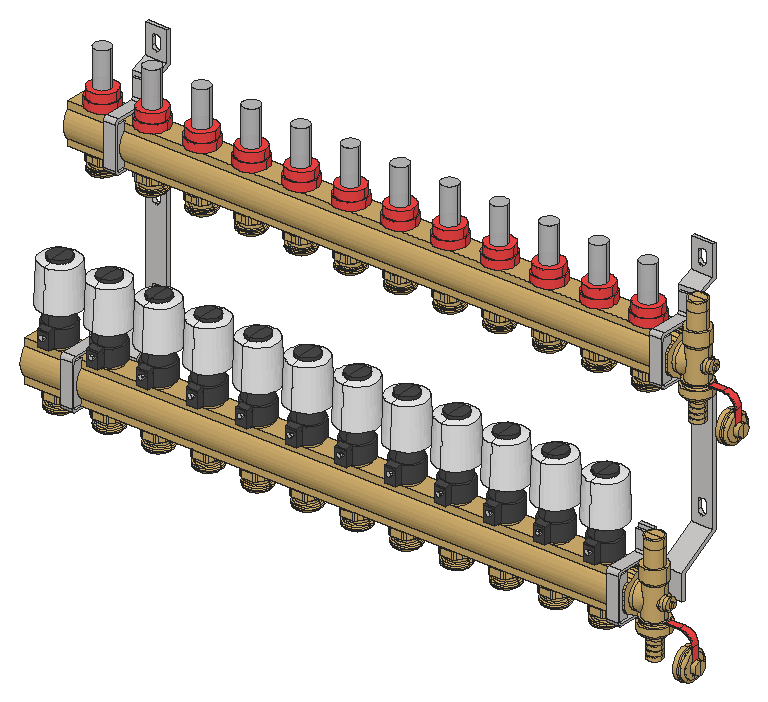
Revit family "1Manifold FHF-F_2-12_TWA-A_RFA", category Pipe Accessories, Revit 2019
Family settings
  Round Connector Dimension = Use Diameter
  Part Type = Normal
  OmniClass Number = 23.65.55.14.17
  OmniClass Title = Adjusting/Controlling Valves for Liquid Services
  Work Plane-Based = No
  Always vertical = Yes
  Cut with Voids When Loaded = No
  Shared = No
Parameters (values of type "Manifold FHF-F_12+12_088U0532")
  z [instance] = Offset Z + 1000 mm  # 1213 mm
  y [instance] = Offset Y + 500 mm  # 523 mm
  x [instance] = Offset X + 1000 mm  # 1025 mm
  Voltage = if(or(Actuator Type = [088H3106], Actuator Type = [088H3112], Actuator Type = [088H3113], Actuator Type = [088H3118], Actuator Type = [088H3119]), 230 V, 24 V)  # 230 V
  Power = 2 VA * Number of Circuits  # 24 VA
  Offset Y [instance] = 23 mm
  W [instance] = 36 mm  # constant formula
  Valve Body Material = Danfoss Brass
  URL = "https://store.danfoss.com/en/Climate-Solutions-for-heating/Hydronic-floor-heating/Manifolds/c/4213?q=%3Arelevance%3Adanfoss_producttypehierarchydesc%3Acba38471099edfc44d464a9e35ed050af25c8245&text="
  Pressure Drop [instance] = 0.0 Pa
  Number of Circuits = 12
  Model Type = "Manifold FHF-F_12+12"
  Model = "088U0532"
  Max Working Temperature = "90 °C"  # constant formula
  Max Operating Pressure = "6 bar"  # constant formula
  Max Differential Pressure = "0.6 bar"  # constant formula
  Manufacturer = "Danfoss"  # constant formula
  Offset X [instance] = 25 mm
  Manual airvent [instance] = not(Automatic airvent)  # yes
  Length = L1 - 11 mm  # 600 mm
  LOD 350 = not(LOD 200)  # yes
  LOD 200 = no
  L1 = 611 mm
  L bracket = Number of Circuits * 50 mm - 50 mm  # 550 mm
  L = Length + 70 mm  # 670 mm
  IfcExportType = "FHF-F"  # constant formula
  IfcExportAs = "IfcValveType"  # constant formula
  Offset Z [instance] = 213 mm
  H2 = 38 mm  # constant formula
  H1 = 73.2 mm  # constant formula
  H [instance] = z - 1000 mm + H2 + H1  # 324.2 mm
  Flow 9 [instance] = 0.0 m³/h
  Flow 8 [instance] = 0.0 m³/h
  Flow 7 [instance] = 0.0 m³/h
  Flow 6 [instance] = 0.0 m³/h
  Flow 5 [instance] = 0.0 m³/h
  Flow 4 [instance] = 0.0 m³/h
  Flow 3 [instance] = 0.0 m³/h
  Flow 2 [instance] = 0.0 m³/h
  Flow 12 [instance] = 0.0 m³/h
  Flow 11 [instance] = 0.0 m³/h
  Flow 10 [instance] = 0.0 m³/h
  Flow 1 [instance] = 0.0 m³/h
  Flow [instance] = Flow 1 + Flow 2 + Flow 3 + Flow 4 + Flow 5 + Flow 6 + Flow 7 + Flow 8 + Flow 9 + Flow 10 + Flow 11 + Flow 12  # 0.0 m³/h
  End piece [instance] = if(Automatic airvent, [088U0785], [088U0786])  # _FHF-EA_EM : FHF-EM_088U0786
  Description = "Brass Manifold"  # constant formula
  D = 25 mm  # constant formula
  Automatic airvent [instance] = no
  Add bracket [instance] = yes
  Actuator Type = TWA-A_RFA : TWA-A_230V_NC_0.95m_088H3112
  088U0786 = _FHF-EA_EM : FHF-EM_088U0786
  088U0785 = _FHF-EA_EM : FHF-EA_088U0785
  088H3119 = TWA-A_RFA : TWA-A_230V_NC_10m_088H3119
  088H3118 = TWA-A_RFA : TWA-A_230V_NC_5m_088H3118
  088H3113 = TWA-A_RFA : TWA-A_230V_NO_0.95m_088H3113
  088H3112 = TWA-A_RFA : TWA-A_230V_NC_0.95m_088H3112
  088H3106 = TWA-A_RFA : TWA-A_230V_NC/S_0.95m_088H3106
Reference planes
  plane 1 "Center (Front/Back)": y = 0
  plane 2: z = 0
  plane 3 "Center (Left/Right)": x = 0
  plane 4 "tube2": through (-27.999, -48.497, 1200) normal (0.9272, -0.3746, 0)
  plane 5: x = 600
  plane 6: z = -213
  plane 7: x = -25
  plane 8: x = 611
  plane 9: x = 25
  plane 10 "bottom manifold": y = -23
  plane 11: x = 575
  plane 12: x = 586
  plane 13: x = 0
  plane 14: x = 670.5
  plane 15 "H1": z = 73.2
  plane 16: z = -251
  plane 17: x = 670
  plane 18: z = -251
  plane 19: y = -18
  plane 20: y = 18
  plane 21: z = -251
  plane 22: x = 1000
  plane 23: z = 1000
  plane 24: y = 500
  plane 25: x = 280.5
  plane 26: z = -171.8
  plane 27: x = 50
Forms (mm)
  Sweep 1, solid, material "Danfoss Brass" <- "Valve Body Material", visible <- "LOD 350", detail levels fine
    path origin (0, 0, 0) x (1, 0, 0) y (0, 0, 1)
      loop
        line (0, 0) -> (600, 0)
    profile origin (300, 0, 0) x (0, 0, 1) y (0, -1, 0)
      loop
        arc (-13.388, -12.476) -> (0, -18.3) -> (13.388, -12.476) r 18.3
        line (13.388, -12.476) -> (20.5, -12.476) -> (20.5, 12.476) -> (13.388, 12.476)
        arc (13.388, 12.476) -> (0, 18.3) -> (-13.388, 12.476) r 18.3
        line (-13.388, 12.476) -> (-20.5, 12.476) -> (-20.5, -12.476) -> (-13.388, -12.476)
  Sweep 2, solid, material "Danfoss Brass" <- "Valve Body Material", visible <- "LOD 350", detail levels fine
    path origin (-50, -23, 0) x (0, 0, 1) y (-1, 0, 0)
      loop
        line (-213, -25) -> (-213, -625)
    profile origin (275, -23, -213) x (0, 0, 1) y (0, -1, 0)
      loop
        arc (-13.388, -12.476) -> (0, -18.3) -> (13.388, -12.476) r 18.3
        line (13.388, -12.476) -> (20.5, -12.476) -> (20.5, 12.476) -> (13.388, 12.476)
        arc (13.388, 12.476) -> (0, 18.3) -> (-13.388, 12.476) r 18.3
        line (-13.388, 12.476) -> (-20.5, 12.476) -> (-20.5, -12.476) -> (-13.388, -12.476)
  Sweep 3, solid, material "Danfoss Brass" <- "Valve Body Material", visible <- "LOD 200", detail levels fine
    path origin (0, 0, 0) x (1, 0, 0) y (0, 0, 1)
      loop
        line (0, 0) -> (600, 0)
    profile origin (300, 0, 0) x (0, 0, 1) y (0, -1, 0)
      loop
        line (-20.5, -18.3) -> (20.5, -18.3) -> (20.5, 18.3) -> (-20.5, 18.3) -> (-20.5, -18.3)
  Sweep 4, solid, material "Danfoss Brass" <- "Valve Body Material", visible <- "LOD 200", detail levels fine
    path origin (-50, -23, 0) x (0, 0, 1) y (-1, 0, 0)
      loop
        line (-213, -25) -> (-213, -625)
    profile origin (275, -23, -213) x (0, 0, 1) y (0, -1, 0)
      loop
        line (-20.5, -18.3) -> (20.5, -18.3) -> (20.5, 18.3) -> (-20.5, 18.3) -> (-20.5, -18.3)
  Extrusion 5, solid, not visible
    sketch origin (0, 0, 0) x (0, 0, 1) y (-1, 0, 0)
      loop
        line (-202.647, -295.5) -> (-202.647, -265.5) -> (-222.647, -265.5) -> (-222.647, -295.5) -> (-202.647, -295.5)
    from 13 to 33
Dimensions and locks
  "L1": plane 8 to plane 3 "Center (Left/Right)"
  locked: plane 8 to plane 5 at 11
  locked: plane 9 to plane 3 "Center (Left/Right)" at 25
  equal spacing: group 1, group 2, group 5, group 7, group 8, group 11, group 12, group 13, group 14, group 15, group 16, group 17  (x3)
  locked: plane 12 to plane 11 at 11
  "L1": plane 12 to plane 7
  locked: plane 13 to plane 7 at 25
  plane 14 to plane 5 = 70.5 mm
  "H1": plane 15 "H1" to level
  "H2": plane 6 to plane 16
  "L": plane 17 to plane 3 "Center (Left/Right)"
  equal spacing: plane 19, plane 1 "Center (Front/Back)", plane 20
  "W": plane 19 to plane 20
  equal spacing: group 3, group 4, group 6, group 9, group 10, group 18, group 19, group 20, group 21, group 22, group 23, group 24  (x3)
  locked: nested 7 to nested 3 at 50
  locked: plane 5 to nested 6 at 10
  locked: plane 11 to nested 5 at 10
  "x": plane 22 to plane 7
  "y": plane 10 "bottom manifold" to plane 24
  "z": plane 23 to plane 6
  Extrusion 5 sketch curve to plane 25 to Extrusion 5 sketch curve = 15 mm locked, 15 mm locked
  Extrusion 5 sketch curve to plane 6 to Extrusion 5 sketch curve = 10.353 mm locked, 9.647 mm locked
  equal spacing: plane 12, plane 25, plane 7
  locked: Extrusion 5 to plane 10 "bottom manifold" at 10
  locked: plane 10 "bottom manifold" to Extrusion 5 at 10
  locked: plane 26 to plane 6 at 41.2
  locked: plane 27 to plane 13 at 50
  equal spacing: group 25, group 26, group 27, group 28, group 29, group 30, group 31, group 32, group 33, group 34, group 35, group 36
  equal spacing: group 36, group 35, group 34, group 33, group 32, group 31, group 30, group 29, group 28, group 27, group 26, group 25  (x2)
  aligned and locked: level to plane 2
  aligned and locked: plane 9 to nested 1
  aligned and locked: level to nested 1
  aligned and locked: plane 5 to Sweep 1 sketch curve
  aligned and locked: Sweep 1 sketch curve to level
  aligned and locked: plane 3 "Center (Left/Right)" to Sweep 1 sketch curve
  aligned and locked: level to nested 2
  aligned and locked: plane 10 "bottom manifold" to nested 3
  aligned and locked: plane 10 "bottom manifold" to nested 5
  aligned and locked: plane 1 "Center (Front/Back)" to nested 6
  aligned and locked: plane 6 to nested 5
  aligned and locked: level to nested 6
  aligned and locked: plane 6 to nested 3
  aligned and locked: plane 13 to nested 3
  aligned and locked: plane 6 to nested 7
  aligned and locked: plane 10 "bottom manifold" to nested 7
  aligned and locked: plane 26 to nested 29
  aligned and locked: plane 13 to nested 29
  aligned and locked: nested 29 to plane 10 "bottom manifold"
  aligned and locked: plane 27 to nested 30
  aligned and locked: nested 30 to plane 10 "bottom manifold"
  aligned and locked: plane 26 to nested 30
Automatic sketch dimensions
  Sweep 1 sketch curve to Sweep 1 sketch curve = 0 mm  (x2)
  Sweep 1 sketch curve to profile plane = 0 mm
  profile plane to Sweep 1 sketch curve = 13.388 mm  (x2)
  Sweep 1 sketch curve to Sweep 1 sketch curve = 7.112 mm  (x2)
  Sweep 1 sketch curve to profile plane = 13.388 mm  (x2)
  Sweep 1 sketch curve to profile plane = 12.476 mm
  Sweep 1 sketch curve to Sweep 1 sketch curve = 12.476 mm  (x2)
  Sweep 2 sketch curve to plane 6 = 0 mm
  Sweep 2 sketch curve to plane 11 = 0 mm
  Sweep 2 sketch curve to plane 7 = 0 mm
  Sweep 2 sketch curve to Sweep 2 sketch curve = 0 mm  (x2)
  plane 10 "bottom manifold" to Sweep 2 sketch curve = 12.476 mm
  profile plane to Sweep 2 sketch curve = 20.5 mm
  Sweep 2 sketch curve to Sweep 2 sketch curve = 7.112 mm  (x3)
  Sweep 2 sketch curve to Sweep 2 sketch curve = 13.388 mm  (x3)
  Sweep 2 sketch curve to Sweep 2 sketch curve = 12.476 mm  (x2)
  Sweep 3 sketch curve to level = 0 mm
  Sweep 3 sketch curve to plane 3 "Center (Left/Right)" = 0 mm
  Sweep 3 sketch curve to plane 5 = 0 mm
  profile plane to Sweep 3 sketch curve = 20.5 mm
  Sweep 3 sketch curve to profile plane = 20.5 mm
  Sweep 3 sketch curve to plane 1 "Center (Front/Back)" = 18.3 mm
  plane 1 "Center (Front/Back)" to Sweep 3 sketch curve = 18.3 mm
  Sweep 4 sketch curve to plane 6 = 0 mm
  Sweep 4 sketch curve to plane 11 = 0 mm
  Sweep 4 sketch curve to plane 7 = 0 mm
  profile plane to Sweep 4 sketch curve = 20.5 mm
  Sweep 4 sketch curve to profile plane = 20.5 mm
  Sweep 4 sketch curve to plane 10 "bottom manifold" = 18.3 mm
  plane 10 "bottom manifold" to Sweep 4 sketch curve = 18.3 mm
Nested families
  nested 1: "Flowmeter_RFA" at (25, 0, 0), LOD 200 <- "LOD 200", type "Flowmeter_088U0819", detail levels fine
    with LOD 350 yes, LOD 200 no
  nested 2: "Flowmeter_RFA" at (75, 0, 0), LOD 200 <- "LOD 200", type "Flowmeter_088U0819", detail levels fine
    with LOD 350 yes, LOD 200 no
  nested 3: "Thermostatic valve_RFA" at (0, -23, -213), LOD 200 <- "LOD 200", type "Thermostatic valve", detail levels fine
    with LOD 350 yes, LOD 200 no
  nested 4: "FHF-F+Actuator Symbol" at (0, 0, 0), x <- "Offset Y", y <- "Offset Z", length <- "Length", Number of Circuits <- "Number of Circuits", z <- "Offset X", Offset X <- "Offset X", Offset Y <- "Offset Y", Offset Z <- "Offset Z", type "FHF-F+Actuator Symbol", detail levels coarse+medium
    with z 1213 mm, y 523 mm, x 1025 mm, length 600 mm, Offset Z 213 mm, Offset Y 23 mm, Offset X 25 mm, Number of Circuits 12, L 650 mm
  nested 5: "_FHF-EA_EM" at (565, -23, -213), type <- "End piece", type "FHF-EM_088U0786", detail levels fine
    with LOD 350 yes, LOD 200 no, FHF-EM350 yes, FHF-EM200 no, FHF-EA350 no, FHF-EA200 no
  nested 6: "_FHF-EA_EM" at (590, 0, 0), type <- "End piece", LOD 200 <- "LOD 200", type "FHF-EM_088U0786", detail levels fine
    with LOD 350 yes, LOD 200 no, FHF-EM350 yes, FHF-EM200 no, FHF-EA350 no, FHF-EA200 no
  nested 7: "Thermostatic valve_RFA" at (50, -23, -213), LOD 200 <- "LOD 200", type "Thermostatic valve", detail levels fine
    with LOD 350 yes, LOD 200 no
  nested 8: "Flowmeter_RFA" at (125, 0, 0), LOD 200 <- "LOD 200", type "Flowmeter_088U0819", detail levels fine
    with LOD 350 yes, LOD 200 no
  nested 9: "Thermostatic valve_RFA" at (100, -23, -213), LOD 200 <- "LOD 200", type "Thermostatic valve", detail levels fine
    with LOD 350 yes, LOD 200 no
  nested 10: "Flowmeter_RFA" at (175, 0, 0), LOD 200 <- "LOD 200", type "Flowmeter_088U0819", detail levels fine
    with LOD 350 yes, LOD 200 no
  nested 11: "Flowmeter_RFA" at (225, 0, 0), LOD 200 <- "LOD 200", type "Flowmeter_088U0819", detail levels fine
    with LOD 350 yes, LOD 200 no
  nested 12: "Thermostatic valve_RFA" at (150, -23, -213), LOD 200 <- "LOD 200", type "Thermostatic valve", detail levels fine
    with LOD 350 yes, LOD 200 no
  nested 13: "Thermostatic valve_RFA" at (200, -23, -213), LOD 200 <- "LOD 200", type "Thermostatic valve", detail levels fine
    with LOD 350 yes, LOD 200 no
  nested 14: "Flowmeter_RFA" at (275, 0, 0), LOD 200 <- "LOD 200", type "Flowmeter_088U0819", detail levels fine
    with LOD 350 yes, LOD 200 no
  nested 15: "Flowmeter_RFA" at (325, 0, 0), LOD 200 <- "LOD 200", type "Flowmeter_088U0819", detail levels fine
    with LOD 350 yes, LOD 200 no
  nested 16: "Flowmeter_RFA" at (375, 0, 0), LOD 200 <- "LOD 200", type "Flowmeter_088U0819", detail levels fine
    with LOD 350 yes, LOD 200 no
  nested 17: "Flowmeter_RFA" at (425, 0, 0), LOD 200 <- "LOD 200", type "Flowmeter_088U0819", detail levels fine
    with LOD 350 yes, LOD 200 no
  nested 18: "Flowmeter_RFA" at (475, 0, 0), LOD 200 <- "LOD 200", type "Flowmeter_088U0819", detail levels fine
    with LOD 350 yes, LOD 200 no
  nested 19: "Flowmeter_RFA" at (525, 0, 0), LOD 200 <- "LOD 200", type "Flowmeter_088U0819", detail levels fine
    with LOD 350 yes, LOD 200 no
  nested 20: "Flowmeter_RFA" at (575, 0, 0), LOD 200 <- "LOD 200", type "Flowmeter_088U0819", detail levels fine
    with LOD 350 yes, LOD 200 no
  nested 21: "Thermostatic valve_RFA" at (250, -23, -213), LOD 200 <- "LOD 200", type "Thermostatic valve", detail levels fine
    with LOD 350 yes, LOD 200 no
  nested 22: "Thermostatic valve_RFA" at (300, -23, -213), LOD 200 <- "LOD 200", type "Thermostatic valve", detail levels fine
    with LOD 350 yes, LOD 200 no
  nested 23: "Thermostatic valve_RFA" at (350, -23, -213), LOD 200 <- "LOD 200", type "Thermostatic valve", detail levels fine
    with LOD 350 yes, LOD 200 no
  nested 24: "Thermostatic valve_RFA" at (400, -23, -213), LOD 200 <- "LOD 200", type "Thermostatic valve", detail levels fine
    with LOD 350 yes, LOD 200 no
  nested 25: "Thermostatic valve_RFA" at (450, -23, -213), LOD 200 <- "LOD 200", type "Thermostatic valve", detail levels fine
    with LOD 350 yes, LOD 200 no
  nested 26: "Thermostatic valve_RFA" at (500, -23, -213), LOD 200 <- "LOD 200", type "Thermostatic valve", detail levels fine
    with LOD 350 yes, LOD 200 no
  nested 27: "Thermostatic valve_RFA" at (550, -23, -213), LOD 200 <- "LOD 200", type "Thermostatic valve", detail levels fine
    with LOD 350 yes, LOD 200 no
  nested 28: "_FHF-MB_RFA" at (41.303, 0, 0), LOD 200 <- "LOD 200", visible <- "Add bracket", L <- "L bracket", type "FHF-MB_088U0585", detail levels fine
    with LOD 350 yes, LOD 200 no, L 550 mm
  nested 29: "TWA-A_RFA" at (0, -23, -189.2) x (0, 1, 0) z (0, 0, 1), LOD 200 <- "LOD 200", type <- "Actuator Type", Voltage <- "Voltage", type "TWA-A_230V_NC_0.95m_088H3112", detail levels fine
    with Voltage 230 V, Power 2 VA, LOD 350 yes, LOD 200 no
  nested 30: "TWA-A_RFA" at (50, -23, -189.2) x (0, 1, 0) z (0, 0, 1), LOD 200 <- "LOD 200", type <- "Actuator Type", Voltage <- "Voltage", type "TWA-A_230V_NC_0.95m_088H3112", detail levels fine
    with Voltage 230 V, Power 2 VA, LOD 350 yes, LOD 200 no
  nested 31: "TWA-A_RFA" at (100, -23, -189.2) x (0, 1, 0) z (0, 0, 1), LOD 200 <- "LOD 200", type <- "Actuator Type", Voltage <- "Voltage", type "TWA-A_230V_NC_0.95m_088H3112", detail levels fine
    with Voltage 230 V, Power 2 VA, LOD 350 yes, LOD 200 no
  nested 32: "TWA-A_RFA" at (150, -23, -189.2) x (0, 1, 0) z (0, 0, 1), LOD 200 <- "LOD 200", type <- "Actuator Type", Voltage <- "Voltage", type "TWA-A_230V_NC_0.95m_088H3112", detail levels fine
    with Voltage 230 V, Power 2 VA, LOD 350 yes, LOD 200 no
  nested 33: "TWA-A_RFA" at (200, -23, -189.2) x (0, 1, 0) z (0, 0, 1), LOD 200 <- "LOD 200", type <- "Actuator Type", Voltage <- "Voltage", type "TWA-A_230V_NC_0.95m_088H3112", detail levels fine
    with Voltage 230 V, Power 2 VA, LOD 350 yes, LOD 200 no
  nested 34: "TWA-A_RFA" at (250, -23, -189.2) x (0, 1, 0) z (0, 0, 1), LOD 200 <- "LOD 200", type <- "Actuator Type", Voltage <- "Voltage", type "TWA-A_230V_NC_0.95m_088H3112", detail levels fine
    with Voltage 230 V, Power 2 VA, LOD 350 yes, LOD 200 no
  nested 35: "TWA-A_RFA" at (300, -23, -189.2) x (0, 1, 0) z (0, 0, 1), LOD 200 <- "LOD 200", type <- "Actuator Type", Voltage <- "Voltage", type "TWA-A_230V_NC_0.95m_088H3112", detail levels fine
    with Voltage 230 V, Power 2 VA, LOD 350 yes, LOD 200 no
  nested 36: "TWA-A_RFA" at (350, -23, -189.2) x (0, 1, 0) z (0, 0, 1), LOD 200 <- "LOD 200", type <- "Actuator Type", Voltage <- "Voltage", type "TWA-A_230V_NC_0.95m_088H3112", detail levels fine
    with Voltage 230 V, Power 2 VA, LOD 350 yes, LOD 200 no
  nested 37: "TWA-A_RFA" at (400, -23, -189.2) x (0, 1, 0) z (0, 0, 1), LOD 200 <- "LOD 200", type <- "Actuator Type", Voltage <- "Voltage", type "TWA-A_230V_NC_0.95m_088H3112", detail levels fine
    with Voltage 230 V, Power 2 VA, LOD 350 yes, LOD 200 no
  nested 38: "TWA-A_RFA" at (450, -23, -189.2) x (0, 1, 0) z (0, 0, 1), LOD 200 <- "LOD 200", type <- "Actuator Type", Voltage <- "Voltage", type "TWA-A_230V_NC_0.95m_088H3112", detail levels fine
    with Voltage 230 V, Power 2 VA, LOD 350 yes, LOD 200 no
  nested 39: "TWA-A_RFA" at (500, -23, -189.2) x (0, 1, 0) z (0, 0, 1), LOD 200 <- "LOD 200", type <- "Actuator Type", Voltage <- "Voltage", type "TWA-A_230V_NC_0.95m_088H3112", detail levels fine
    with Voltage 230 V, Power 2 VA, LOD 350 yes, LOD 200 no
  nested 40: "TWA-A_RFA" at (550, -23, -189.2) x (0, 1, 0) z (0, 0, 1), LOD 200 <- "LOD 200", type <- "Actuator Type", Voltage <- "Voltage", type "TWA-A_230V_NC_0.95m_088H3112", detail levels fine
    with Voltage 230 V, Power 2 VA, LOD 350 yes, LOD 200 no
Connectors
  piping at (25, 0, -38.8), diameter 20, driven by "Flow 1"
    settings: on nested 1, index 1, connector inside diameter 609.6 mm, connector length 0 mm, flow factor 0, pipe flow 0.0 m³/h, pressure drop 0.0 Pa, fitting loss kfactor 0, connector angle 0.00°, fixture units 0, engagement length 0 mm, angle of deflection 0.00°, flow configuration 0, flow direction 2, fitting loss method 0, system type 7, joint type 0, gender type 0, connector reference index -1, connector utility 0, adjustable connector no, is connector primary no, connector description "Supply1"
  piping at (75, 0, -38.8), diameter 20, driven by "Flow 2"
    settings: on nested 2, index 2, connector inside diameter 609.6 mm, connector length 0 mm, flow factor 0, pipe flow 0.0 m³/h, pressure drop 0.0 Pa, fitting loss kfactor 0, connector angle 0.00°, fixture units 0, engagement length 0 mm, angle of deflection 0.00°, flow configuration 0, flow direction 2, fitting loss method 0, system type 7, joint type 0, gender type 0, connector reference index -1, connector utility 0, adjustable connector no, is connector primary no, connector description "Supply2"
  piping at (0, 0, 0), diameter 25, driven by "D", driven by "Flow"
    settings: on Sweep 1, index 35, connector inside diameter 609.6 mm, connector length 0 mm, flow factor 0, pipe flow 0.0 m³/h, pressure drop 0.0 Pa, fitting loss kfactor 0, connector angle 0.00°, fixture units 0, engagement length 0 mm, angle of deflection 0.00°, flow configuration 1, flow direction 1, fitting loss method 0, system type 7, joint type 0, gender type 0, connector reference index -1, connector utility 0, adjustable connector no, is connector primary yes, connector description "SupplyMain"
  piping at (-25, -23, -213), diameter 25, driven by "D", driven by "Flow"
    settings: on Sweep 2, index 36, connector inside diameter 609.6 mm, connector length 0 mm, flow factor 0, pipe flow 0.0 m³/h, pressure drop 0.0 Pa, fitting loss kfactor 0, connector angle 0.00°, fixture units 0, engagement length 0 mm, angle of deflection 0.00°, flow configuration 1, flow direction 2, fitting loss method 0, system type 8, joint type 0, gender type 0, connector reference index -1, connector utility 0, adjustable connector no, is connector primary no, connector description "ReturnMain"
  piping at (50, -23, -251.5), diameter 20, driven by "Flow 2"
    settings: on nested 7, index 37, connector inside diameter 609.6 mm, connector length 0 mm, flow factor 0, pipe flow 0.0 m³/h, pressure drop 0.0 Pa, fitting loss kfactor 0, connector angle 0.00°, fixture units 0, engagement length 0 mm, angle of deflection 0.00°, flow configuration 0, flow direction 1, fitting loss method 0, system type 8, joint type 0, gender type 0, connector reference index -1, connector utility 0, adjustable connector no, is connector primary no, connector description "Return2"
  piping at (100, -23, -251.5), diameter 20, driven by "Flow 3"
    settings: on nested 9, index 38, connector inside diameter 609.6 mm, connector length 0 mm, flow factor 0, pipe flow 0.0 m³/h, pressure drop 0.0 Pa, fitting loss kfactor 0, connector angle 0.00°, fixture units 0, engagement length 0 mm, angle of deflection 0.00°, flow configuration 0, flow direction 1, fitting loss method 0, system type 8, joint type 0, gender type 0, connector reference index -1, connector utility 0, adjustable connector no, is connector primary no, connector description "Return3"
  piping at (150, -23, -251.5), diameter 20, driven by "Flow 4"
    settings: on nested 12, index 39, connector inside diameter 609.6 mm, connector length 0 mm, flow factor 0, pipe flow 0.0 m³/h, pressure drop 0.0 Pa, fitting loss kfactor 0, connector angle 0.00°, fixture units 0, engagement length 0 mm, angle of deflection 0.00°, flow configuration 0, flow direction 1, fitting loss method 0, system type 8, joint type 0, gender type 0, connector reference index -1, connector utility 0, adjustable connector no, is connector primary no, connector description "Return4"
  piping at (200, -23, -251.5), diameter 20, driven by "Flow 5"
    settings: on nested 13, index 40, connector inside diameter 609.6 mm, connector length 0 mm, flow factor 0, pipe flow 0.0 m³/h, pressure drop 0.0 Pa, fitting loss kfactor 0, connector angle 0.00°, fixture units 0, engagement length 0 mm, angle of deflection 0.00°, flow configuration 0, flow direction 1, fitting loss method 0, system type 8, joint type 0, gender type 0, connector reference index -1, connector utility 0, adjustable connector no, is connector primary no, connector description "Return5"
  piping at (250, -23, -251.5), diameter 20, driven by "Flow 6"
    settings: on nested 21, index 41, connector inside diameter 609.6 mm, connector length 0 mm, flow factor 0, pipe flow 0.0 m³/h, pressure drop 0.0 Pa, fitting loss kfactor 0, connector angle 0.00°, fixture units 0, engagement length 0 mm, angle of deflection 0.00°, flow configuration 0, flow direction 1, fitting loss method 0, system type 8, joint type 0, gender type 0, connector reference index -1, connector utility 0, adjustable connector no, is connector primary no, connector description "Return6"
  piping at (300, -23, -251.5), diameter 20, driven by "Flow 7"
    settings: on nested 22, index 42, connector inside diameter 609.6 mm, connector length 0 mm, flow factor 0, pipe flow 0.0 m³/h, pressure drop 0.0 Pa, fitting loss kfactor 0, connector angle 0.00°, fixture units 0, engagement length 0 mm, angle of deflection 0.00°, flow configuration 0, flow direction 1, fitting loss method 0, system type 8, joint type 0, gender type 0, connector reference index -1, connector utility 0, adjustable connector no, is connector primary no, connector description "Return7"
  piping at (350, -23, -251.5), diameter 20, driven by "Flow 8"
    settings: on nested 23, index 43, connector inside diameter 609.6 mm, connector length 0 mm, flow factor 0, pipe flow 0.0 m³/h, pressure drop 0.0 Pa, fitting loss kfactor 0, connector angle 0.00°, fixture units 0, engagement length 0 mm, angle of deflection 0.00°, flow configuration 0, flow direction 1, fitting loss method 0, system type 8, joint type 0, gender type 0, connector reference index -1, connector utility 0, adjustable connector no, is connector primary no, connector description "Return8"
  piping at (400, -23, -251.5), diameter 20, driven by "Flow 9"
    settings: on nested 24, index 44, connector inside diameter 609.6 mm, connector length 0 mm, flow factor 0, pipe flow 0.0 m³/h, pressure drop 0.0 Pa, fitting loss kfactor 0, connector angle 0.00°, fixture units 0, engagement length 0 mm, angle of deflection 0.00°, flow configuration 0, flow direction 1, fitting loss method 0, system type 8, joint type 0, gender type 0, connector reference index -1, connector utility 0, adjustable connector no, is connector primary no, connector description "Return9"
  piping at (450, -23, -251.5), diameter 20, driven by "Flow 10"
    settings: on nested 25, index 45, connector inside diameter 609.6 mm, connector length 0 mm, flow factor 0, pipe flow 0.0 m³/h, pressure drop 0.0 Pa, fitting loss kfactor 0, connector angle 0.00°, fixture units 0, engagement length 0 mm, angle of deflection 0.00°, flow configuration 0, flow direction 1, fitting loss method 0, system type 8, joint type 0, gender type 0, connector reference index -1, connector utility 0, adjustable connector no, is connector primary no, connector description "Return10"
  piping at (500, -23, -251.5), diameter 20, driven by "Flow 11"
    settings: on nested 26, index 46, connector inside diameter 609.6 mm, connector length 0 mm, flow factor 0, pipe flow 0.0 m³/h, pressure drop 0.0 Pa, fitting loss kfactor 0, connector angle 0.00°, fixture units 0, engagement length 0 mm, angle of deflection 0.00°, flow configuration 0, flow direction 1, fitting loss method 0, system type 8, joint type 0, gender type 0, connector reference index -1, connector utility 0, adjustable connector no, is connector primary no, connector description "Return11"
  piping at (550, -23, -251.5), diameter 20, driven by "Flow 12"
    settings: on nested 27, index 47, connector inside diameter 609.6 mm, connector length 0 mm, flow factor 0, pipe flow 0.0 m³/h, pressure drop 0.0 Pa, fitting loss kfactor 0, connector angle 0.00°, fixture units 0, engagement length 0 mm, angle of deflection 0.00°, flow configuration 0, flow direction 1, fitting loss method 0, system type 8, joint type 0, gender type 0, connector reference index -1, connector utility 0, adjustable connector no, is connector primary no, connector description "Return12"
  piping at (125, 0, -38.8), diameter 20, driven by "Flow 3"
    settings: on nested 8, index 48, connector inside diameter 609.6 mm, connector length 0 mm, flow factor 0, pipe flow 0.0 m³/h, pressure drop 0.0 Pa, fitting loss kfactor 0, connector angle 0.00°, fixture units 0, engagement length 0 mm, angle of deflection 0.00°, flow configuration 0, flow direction 2, fitting loss method 0, system type 7, joint type 0, gender type 0, connector reference index -1, connector utility 0, adjustable connector no, is connector primary no, connector description "Supply3"
  piping at (175, 0, -38.8), diameter 20, driven by "Flow 4"
    settings: on nested 10, index 49, connector inside diameter 609.6 mm, connector length 0 mm, flow factor 0, pipe flow 0.0 m³/h, pressure drop 0.0 Pa, fitting loss kfactor 0, connector angle 0.00°, fixture units 0, engagement length 0 mm, angle of deflection 0.00°, flow configuration 0, flow direction 2, fitting loss method 0, system type 7, joint type 0, gender type 0, connector reference index -1, connector utility 0, adjustable connector no, is connector primary no, connector description "Supply4"
  piping at (225, 0, -38.8), diameter 20, driven by "Flow 5"
    settings: on nested 11, index 50, connector inside diameter 609.6 mm, connector length 0 mm, flow factor 0, pipe flow 0.0 m³/h, pressure drop 0.0 Pa, fitting loss kfactor 0, connector angle 0.00°, fixture units 0, engagement length 0 mm, angle of deflection 0.00°, flow configuration 0, flow direction 2, fitting loss method 0, system type 7, joint type 0, gender type 0, connector reference index -1, connector utility 0, adjustable connector no, is connector primary no, connector description "Supply5"
  piping at (275, 0, -38.8), diameter 20, driven by "Flow 6"
    settings: on nested 14, index 51, connector inside diameter 609.6 mm, connector length 0 mm, flow factor 0, pipe flow 0.0 m³/h, pressure drop 0.0 Pa, fitting loss kfactor 0, connector angle 0.00°, fixture units 0, engagement length 0 mm, angle of deflection 0.00°, flow configuration 0, flow direction 2, fitting loss method 0, system type 7, joint type 0, gender type 0, connector reference index -1, connector utility 0, adjustable connector no, is connector primary no, connector description "Supply6"
  piping at (325, 0, -38.8), diameter 20, driven by "Flow 7"
    settings: on nested 15, index 52, connector inside diameter 609.6 mm, connector length 0 mm, flow factor 0, pipe flow 0.0 m³/h, pressure drop 0.0 Pa, fitting loss kfactor 0, connector angle 0.00°, fixture units 0, engagement length 0 mm, angle of deflection 0.00°, flow configuration 0, flow direction 2, fitting loss method 0, system type 7, joint type 0, gender type 0, connector reference index -1, connector utility 0, adjustable connector no, is connector primary no, connector description "Supply7"
  piping at (375, 0, -38.8), diameter 20, driven by "Flow 8"
    settings: on nested 16, index 53, connector inside diameter 609.6 mm, connector length 0 mm, flow factor 0, pipe flow 0.0 m³/h, pressure drop 0.0 Pa, fitting loss kfactor 0, connector angle 0.00°, fixture units 0, engagement length 0 mm, angle of deflection 0.00°, flow configuration 0, flow direction 2, fitting loss method 0, system type 7, joint type 0, gender type 0, connector reference index -1, connector utility 0, adjustable connector no, is connector primary no, connector description "Supply8"
  piping at (425, 0, -38.8), diameter 20, driven by "Flow 9"
    settings: on nested 17, index 54, connector inside diameter 609.6 mm, connector length 0 mm, flow factor 0, pipe flow 0.0 m³/h, pressure drop 0.0 Pa, fitting loss kfactor 0, connector angle 0.00°, fixture units 0, engagement length 0 mm, angle of deflection 0.00°, flow configuration 0, flow direction 2, fitting loss method 0, system type 7, joint type 0, gender type 0, connector reference index -1, connector utility 0, adjustable connector no, is connector primary no, connector description "Supply9"
  piping at (475, 0, -38.8), diameter 20, driven by "Flow 10"
    settings: on nested 18, index 55, connector inside diameter 609.6 mm, connector length 0 mm, flow factor 0, pipe flow 0.0 m³/h, pressure drop 0.0 Pa, fitting loss kfactor 0, connector angle 0.00°, fixture units 0, engagement length 0 mm, angle of deflection 0.00°, flow configuration 0, flow direction 2, fitting loss method 0, system type 7, joint type 0, gender type 0, connector reference index -1, connector utility 0, adjustable connector no, is connector primary no, connector description "Supply10"
  piping at (525, 0, -38.8), diameter 20, driven by "Flow 11"
    settings: on nested 19, index 56, connector inside diameter 609.6 mm, connector length 0 mm, flow factor 0, pipe flow 0.0 m³/h, pressure drop 0.0 Pa, fitting loss kfactor 0, connector angle 0.00°, fixture units 0, engagement length 0 mm, angle of deflection 0.00°, flow configuration 0, flow direction 2, fitting loss method 0, system type 7, joint type 0, gender type 0, connector reference index -1, connector utility 0, adjustable connector no, is connector primary no, connector description "Supply11"
  piping at (575, 0, -38.8), diameter 20, driven by "Flow 12"
    settings: on nested 20, index 57, connector inside diameter 609.6 mm, connector length 0 mm, flow factor 0, pipe flow 0.0 m³/h, pressure drop 0.0 Pa, fitting loss kfactor 0, connector angle 0.00°, fixture units 0, engagement length 0 mm, angle of deflection 0.00°, flow configuration 0, flow direction 2, fitting loss method 0, system type 7, joint type 0, gender type 0, connector reference index -1, connector utility 0, adjustable connector no, is connector primary no, connector description "Supply12"
  piping at (0, -23, -251.5), diameter 20, driven by "Flow 1"
    settings: on nested 3, index 58, connector inside diameter 609.6 mm, connector length 0 mm, flow factor 0, pipe flow 0.0 m³/h, pressure drop 0.0 Pa, fitting loss kfactor 0, connector angle 0.00°, fixture units 0, engagement length 0 mm, angle of deflection 0.00°, flow configuration 0, flow direction 1, fitting loss method 0, system type 8, joint type 0, gender type 0, connector reference index -1, connector utility 0, adjustable connector no, is connector primary no, connector description "Return1"
  electrical at (280.5, -23, -202.647), driven by "Voltage", driven by "Power"
    settings: on Extrusion 5, index 87, voltage 230 V, apparent load 0 VA, apparent load phase1 24 VA, apparent load phase2 0 VA, apparent load phase3 0 VA, power factor 1, load classification "HVAC", number of poles 1, system type 31, power factor state 1, is connector primary yes, connector utility no, sub classification motor no, connector description ""
Definition of nested family "Flowmeter_RFA"
  Parameters (values of type "Flowmeter_088U0819")
    W = 30 mm
    Valve Body Material = none
    Model Type = "Flowmeter"
    Model = "088U0819"
    Manufacturer = "Danfoss"
    LOD 350 [instance] = not(LOD 200)  # yes
    LOD 200 [instance] = no
    L = 28.004 mm
    IfcExportType = "Flowmeter"  # constant formula
    IfcExportAs = "IfcValveType"  # constant formula
    H = 112 mm
  Reference planes
    plane 1 "Center (Front/Back)": y = 0
    plane 2: z = 0
    plane 3 "Center (Left/Right)": x = 0
    plane 4: z = 73.2
    plane 5: z = -38.8
    plane 6: x = -14.002
    plane 7: x = 14.002
    plane 8: y = 15
    plane 9: y = -15
  Forms (mm)
    Revolve 1, solid, material <- "Valve Body Material", visible <- "LOD 350"
      sketch origin (0, 0, 0) x (1, 0, 0) y (0, 0, 1)
        loop
          line (-11.46, -28.19) -> (-11.002, -29.296) -> (-11.002, -32.521) -> (-12.724, -33.515) -> (-11.975, -34.265) -> (-13.299, -34.813) -> (-11.587, -35.801) -> (-13.373, -36.832) -> (-11.722, -38.8) -> (0, -38.8) -> (0, -27.8) -> (-12.532, -27.8) -> (-11.46, -28.19)
        axis (0, -27.8) -> (0, -38.8)
      angle from 0 to 360
    Extrusion 2, solid, material <- "Valve Body Material", visible <- "LOD 350"
      sketch origin (0, 0, 0) x (1, 0, 0) y (0, 1, 0)
        loop
          line (7.25, -12.557) -> (9.02, -11.378) -> (11.691, -6.75) -> (12.919, -4.623) -> (12.919, 4.623) -> (11.691, 6.75) -> (9.02, 11.378) -> (7.25, 12.557) -> (5.344, 13.5) -> (0, 13.5) -> (-5.344, 13.5) -> (-7.25, 12.557) -> (-9.02, 11.378) -> (-11.691, 6.75) -> (-12.919, 4.623) -> (-12.919, -4.623) -> (-11.691, -6.75) -> (-9.02, -11.378) -> (-7.25, -12.557) -> (-5.344, -13.5) -> (0, -13.5) -> (5.344, -13.5) -> (7.25, -12.557)
      from -27.5 to -20.5
    Revolve 3, solid, material <- "Valve Body Material", visible <- "LOD 200"
      sketch origin (0, 0, 0) x (1, 0, 0) y (0, 0, 1)
        loop
          line (-0.1, -38.8) -> (-0.1, -20.8) -> (-13, -20.8) -> (-13, -38.8) -> (-0.1, -38.8)
        axis (-0.1, -20.8) -> (-0.1, -38.8)
      angle from 0 to 360
    Extrusion 4, solid, visible <- "LOD 350"
      sketch origin (0, 0, 0) x (1, 0, 0) y (0, 1, 0)
        loop
          circle (0, 0) r 8.218
      from 37 to 73.2
    Extrusion 5, solid, visible <- "LOD 350"
      sketch origin (0, 0, 0) x (1, 0, 0) y (0, 1, 0)
        loop
          circle (0, 0) r 13.718
      from 28.491 to 37
    Extrusion 6, solid, visible <- "LOD 350"
      sketch origin (0, 0, 0) x (1, 0, 0) y (0, 1, 0)
        loop
          circle (0, 0) r 15.343
      from 20.5 to 28.491
    Extrusion 7, solid, visible <- "LOD 200"
      sketch origin (0, 0, 0) x (1, 0, 0) y (0, 1, 0)
        loop
          circle (0, 0) r 14.976
      from 20.5 to 37
    Extrusion 8, solid, visible <- "LOD 200"
      sketch origin (0, 0, 0) x (1, 0, 0) y (0, 1, 0)
        loop
          circle (0, 0) r 8.307
      from 37 to 73.2
  Dimensions and locks
    equal spacing: plane 7, plane 3 "Center (Left/Right)", plane 6
    "L": plane 7 to plane 6
    equal spacing: plane 9, plane 1 "Center (Front/Back)", plane 8
    "W": plane 9 to plane 8
    "H": plane 4 to plane 5
    aligned and locked: level to plane 2
  Automatic sketch dimensions
    Revolve 3 sketch curve to plane 5 = 0 mm  (x2)
    plane 6 to Revolve 3 sketch curve = 1.002 mm
    Revolve 3 sketch curve to plane 3 "Center (Left/Right)" = 0.1 mm
    Revolve 3 sketch curve to plane 5 = 18 mm
    Revolve 3 sketch curve to Revolve 3 sketch curve = 0 mm  (x2)
    Revolve 1 sketch curve to plane 5 = 0 mm  (x2)
    Revolve 1 sketch curve to plane 3 "Center (Left/Right)" = 0 mm  (x2)
    plane 6 to Revolve 1 sketch curve = 3 mm
    Revolve 1 sketch curve to Revolve 1 sketch curve = 0.458 mm
    plane 6 to Revolve 1 sketch curve = 2.415 mm
    plane 6 to Revolve 1 sketch curve = 2.28 mm
    Revolve 1 sketch curve to Revolve 1 sketch curve = 0.387 mm
    Revolve 1 sketch curve to Revolve 1 sketch curve = 0.749 mm  (x2)
    plane 6 to Revolve 1 sketch curve = 0.703 mm
    plane 6 to Revolve 1 sketch curve = 0.629 mm
    Revolve 1 sketch curve to plane 5 = 1.968 mm
    Revolve 1 sketch curve to Revolve 1 sketch curve = 1.031 mm
    Revolve 1 sketch curve to Revolve 1 sketch curve = 0.988 mm
    Revolve 1 sketch curve to Revolve 1 sketch curve = 0.548 mm
    Revolve 1 sketch curve to Revolve 1 sketch curve = 0.994 mm
    Revolve 1 sketch curve to Revolve 1 sketch curve = 3.225 mm
    Revolve 1 sketch curve to Revolve 1 sketch curve = 1.106 mm
    Revolve 1 sketch curve to Revolve 1 sketch curve = 1.071 mm
    Revolve 1 sketch curve to Revolve 1 sketch curve = 0.39 mm
    Revolve 1 sketch curve to Revolve 1 sketch curve = 0 mm
    Extrusion 2 sketch curve to plane 3 "Center (Left/Right)" = 0 mm  (x2)
    Extrusion 2 sketch curve to Extrusion 2 sketch curve = 5.344 mm
    Extrusion 2 sketch curve to plane 3 "Center (Left/Right)" = 5.344 mm
    Extrusion 2 sketch curve to Extrusion 2 sketch curve = 1.906 mm  (x4)
    Extrusion 2 sketch curve to Extrusion 2 sketch curve = 1.77 mm  (x4)
    plane 6 to Extrusion 2 sketch curve = 2.311 mm  (x2)
    plane 6 to Extrusion 2 sketch curve = 1.083 mm
    plane 3 "Center (Left/Right)" to Extrusion 2 sketch curve = 5.344 mm  (x2)
    Extrusion 2 sketch curve to plane 7 = 2.311 mm  (x2)
    Extrusion 2 sketch curve to Extrusion 2 sketch curve = 4.628 mm  (x4)
    Extrusion 2 sketch curve to Extrusion 2 sketch curve = 2.127 mm  (x4)
    Extrusion 2 sketch curve to plane 1 "Center (Front/Back)" = 4.623 mm  (x2)
    Extrusion 2 sketch curve to plane 7 = 1.083 mm
    plane 1 "Center (Front/Back)" to Extrusion 7 sketch curve = 0 mm
    Extrusion 7 sketch curve to plane 3 "Center (Left/Right)" = 0 mm
    plane 1 "Center (Front/Back)" to Extrusion 8 sketch curve = 0 mm
    Extrusion 8 sketch curve to plane 3 "Center (Left/Right)" = 0 mm
    Extrusion 2 sketch curve to Extrusion 2 sketch curve = 1.18 mm  (x4)
    Extrusion 2 sketch curve to Extrusion 2 sketch curve = 0.943 mm  (x2)
    plane 1 "Center (Front/Back)" to Extrusion 2 sketch curve = 4.623 mm  (x2)
    plane 1 "Center (Front/Back)" to Extrusion 4 sketch curve = 0 mm
    Extrusion 4 sketch curve to plane 3 "Center (Left/Right)" = 0 mm
    plane 1 "Center (Front/Back)" to Extrusion 5 sketch curve = 0 mm
    Extrusion 5 sketch curve to plane 3 "Center (Left/Right)" = 0 mm
    plane 1 "Center (Front/Back)" to Extrusion 6 sketch curve = 0 mm
    Extrusion 6 sketch curve to plane 3 "Center (Left/Right)" = 0 mm
    radius of Extrusion 7 sketch curve = 14.976 mm
    radius of Extrusion 8 sketch curve = 8.307 mm
    radius of Extrusion 4 sketch curve = 8.218 mm
    radius of Extrusion 5 sketch curve = 13.718 mm
    radius of Extrusion 6 sketch curve = 15.343 mm
Definition of nested family "Thermostatic valve_RFA"
  Parameters (values of type "Thermostatic valve")
    W = 26 mm
    Valve Body Material = none
    Manufacturer = "Danfoss"  # constant formula
    LOD 350 [instance] = not(LOD 200)  # no
    LOD 200 [instance] = yes
    L = 28.004 mm
    IfcExportType = "SSM, FHF"  # constant formula
    IfcExportAs = "IfcValveType"  # constant formula
    H = 93 mm
  Reference planes
    plane 1 "Center (Front/Back)": y = 0
    plane 2: z = 0
    plane 3 "Center (Left/Right)": x = 0
    plane 4: z = -38.5
    plane 5: x = -14.002
    plane 6: x = 14.002
    plane 7: y = -13
    plane 8: y = 13
    plane 9: z = 54.5
  Forms (mm)
    Revolve 1, solid, material <- "Valve Body Material", visible <- "LOD 350"
      sketch origin (0, 0, 0) x (1, 0, 0) y (0, 0, 1)
        loop
          line (0, 20.003) -> (0, 36.9) -> (-9.946, 36.9) -> (-9.946, 35.076) -> (-8.2, 33.33) -> (-8.2, 30.4) -> (-11.484, 30.4) -> (-11.484, 23.8) -> (-12.598, 23.8) -> (-12.598, 20.003) -> (0, 20.003)
        axis (0, 36.9) -> (0, 20.003)
      angle from 0 to 360
    Revolve 2, solid, material <- "Valve Body Material", visible <- "LOD 350"
      sketch origin (0, 0, 0) x (1, 0, 0) y (0, 0, 1)
        loop
          line (-11.002, -31.352) -> (-11.844, -32.811) -> (-13.369, -33.669) -> (-11.682, -34.6) -> (-13.394, -35.465) -> (-11.771, -36.361) -> (-13.103, -37.119) -> (-11.722, -38.5) -> (0, -38.5) -> (0, -27.5) -> (-12.504, -27.5)
          arc (-12.504, -27.5) -> (-11.442, -27.94) -> (-11.002, -29.002) r 1.502
          line (-11.002, -29.002) -> (-11.002, -31.352)
        axis (0, -27.5) -> (0, -38.5)
      angle from 0 to 360
    Extrusion 3, solid, material <- "Valve Body Material", visible <- "LOD 350"
      sketch origin (0, 0, 0) x (1, 0, 0) y (0, 1, 0)
        loop
          line (7.252, -12.557) -> (9.021, -11.378) -> (11.812, -6.545) -> (14.193, -2.42) -> (14.193, 2.42) -> (11.812, 6.545) -> (9.021, 11.378) -> (7.252, 12.557) -> (5.579, 13.385) -> (-5.579, 13.385) -> (-7.252, 12.557) -> (-9.021, 11.378) -> (-11.812, 6.545) -> (-14.193, 2.42) -> (-14.193, -2.42) -> (-11.812, -6.545) -> (-9.021, -11.378) -> (-7.252, -12.557) -> (-5.579, -13.385) -> (5.579, -13.385) -> (7.252, -12.557)
      from -27.5 to -20.5
    Revolve 4, solid, material <- "Valve Body Material", visible <- "LOD 200"
      sketch origin (0, 0, 0) x (1, 0, 0) y (0, 0, 1)
        loop
          line (0, 20.277) -> (12.78, 20.277) -> (12.78, 36.9) -> (0, 36.9) -> (0, 20.277)
        axis (0, 36.9) -> (0, 20.277)
      angle from 0 to 360
    Revolve 5, solid, material <- "Valve Body Material", visible <- "LOD 200"
      sketch origin (0, 0, 0) x (1, 0, 0) y (0, 0, 1)
        loop
          line (-0.1, -38.5) -> (-0.1, -20.5) -> (-13, -20.5) -> (-13, -38.5) -> (-0.1, -38.5)
        axis (-0.1, -20.5) -> (-0.1, -38.5)
      angle from 0 to 360
    Revolve 6, solid, material <- "Valve Body Material", visible <- "LOD 350"
      sketch origin (0, 0, 0) x (1, 0, 0) y (0, 0, 1)
        loop
          line (0, 50.7) -> (0, 54.302) -> (-1.003, 54.302) -> (-1.003, 50.7) -> (0, 50.7)
        axis (0, 54.302) -> (0, 50.7)
      angle from 0 to 360
    Extrusion 7, solid, material <- "Valve Body Material", visible <- "LOD 350"
      sketch origin (0, 0, 0) x (1, 0, 0) y (0, 1, 0)
        loop
          line (5.002, 2.887) -> (0.002, 5.774) -> (-4.998, 2.887) -> (-4.998, -2.887) -> (0.002, -5.774) -> (5.002, -2.887) -> (5.002, 2.887)
      from 46.7 to 50.7
    Revolve 8, solid, visible <- "LOD 200"
      sketch origin (0, 0, 0) x (1, 0, 0) y (0, 0, 1)
        loop
          line (0, 36.9) -> (8.896, 36.9) -> (8.896, 46.7) -> (0, 46.7) -> (0, 36.9)
        axis (0, 46.7) -> (0, 36.9)
      angle from 0 to 360
    Revolve 9, solid, material <- "Valve Body Material", visible <- "LOD 200"
      sketch origin (0, 0, 0) x (1, 0, 0) y (0, 0, 1)
        loop
          line (0, 54.3) -> (0, 46.7) -> (5, 46.7) -> (5, 54.3) -> (0, 54.3)
        axis (0, 46.7) -> (0, 54.3)
      angle from 0 to 360
    Revolve 10, solid, visible <- "LOD 350"
      sketch origin (0, 0, 0) x (1, 0, 0) y (0, 0, 1)
        loop
          line (0, 36.9) -> (9.285, 36.9) -> (9.217, 46.7) -> (0, 46.7) -> (0, 36.9)
        axis (0, 46.7) -> (0, 36.9)
      angle from 0 to 360
  Dimensions and locks
    equal spacing: plane 6, plane 3 "Center (Left/Right)", plane 5
    "L": plane 6 to plane 5
    equal spacing: plane 7, plane 1 "Center (Front/Back)", plane 8
    "W": plane 7 to plane 8
    "H": plane 9 to plane 4
    aligned and locked: level to plane 2
  Automatic sketch dimensions
    Revolve 5 sketch curve to plane 4 = 0 mm  (x2)
    plane 5 to Revolve 5 sketch curve = 1.002 mm
    Revolve 5 sketch curve to plane 3 "Center (Left/Right)" = 0.1 mm
    Revolve 5 sketch curve to plane 4 = 18 mm
    Revolve 5 sketch curve to Revolve 5 sketch curve = 0 mm  (x2)
    Revolve 2 sketch curve to plane 4 = 0 mm  (x2)
    Revolve 2 sketch curve to plane 3 "Center (Left/Right)" = 0 mm  (x2)
    plane 5 to Revolve 2 sketch curve = 3 mm
    plane 5 to Revolve 2 sketch curve = 2.32 mm
    plane 5 to Revolve 2 sketch curve = 2.28 mm
    Revolve 2 sketch curve to Revolve 2 sketch curve = 0.089 mm
    Revolve 2 sketch curve to Revolve 2 sketch curve = 0.842 mm
    plane 5 to Revolve 2 sketch curve = 1.498 mm
    plane 5 to Revolve 2 sketch curve = 0.899 mm
    plane 5 to Revolve 2 sketch curve = 0.633 mm
    plane 5 to Revolve 2 sketch curve = 0.608 mm
    Revolve 2 sketch curve to plane 4 = 1.381 mm
    Revolve 2 sketch curve to Revolve 2 sketch curve = 0.759 mm
    Revolve 2 sketch curve to Revolve 2 sketch curve = 1.654 mm
    Revolve 2 sketch curve to Revolve 2 sketch curve = 1.761 mm
    Revolve 2 sketch curve to Revolve 2 sketch curve = 1.796 mm
    Revolve 2 sketch curve to Revolve 2 sketch curve = 0.858 mm
    Revolve 2 sketch curve to Revolve 2 sketch curve = 1.459 mm
    Revolve 2 sketch curve to Revolve 2 sketch curve = 2.35 mm
    Revolve 2 sketch curve to Revolve 2 sketch curve = 11 mm
    Revolve 2 sketch curve to Revolve 2 sketch curve = 0 mm
    Extrusion 3 sketch curve to plane 5 = 0.191 mm
    Extrusion 3 sketch curve to plane 7 = 1.622 mm  (x2)
    plane 5 to Extrusion 3 sketch curve = 4.981 mm  (x2)
    plane 8 to Extrusion 3 sketch curve = 1.622 mm  (x2)
    Extrusion 3 sketch curve to plane 7 = 0.443 mm  (x2)
    Extrusion 3 sketch curve to Extrusion 3 sketch curve = 1.77 mm  (x4)
    plane 8 to Extrusion 3 sketch curve = 0.443 mm  (x2)
    Extrusion 3 sketch curve to plane 8 = 0.385 mm
    Extrusion 3 sketch curve to Extrusion 3 sketch curve = 1.673 mm  (x4)
    plane 7 to Extrusion 3 sketch curve = 0.385 mm
    plane 3 "Center (Left/Right)" to Extrusion 3 sketch curve = 5.579 mm  (x2)
    plane 1 "Center (Front/Back)" to Extrusion 3 sketch curve = 2.42 mm  (x2)
    Extrusion 3 sketch curve to plane 1 "Center (Front/Back)" = 2.42 mm  (x2)
    plane 5 to Extrusion 3 sketch curve = 2.19 mm  (x2)
    Extrusion 3 sketch curve to Extrusion 3 sketch curve = 0 mm  (x8)
    Extrusion 3 sketch curve to plane 6 = 2.19 mm  (x2)
    plane 6 to Extrusion 3 sketch curve = 0.191 mm
    Extrusion 3 sketch curve to Extrusion 3 sketch curve = 4.833 mm
    Extrusion 3 sketch curve to Extrusion 3 sketch curve = 4.125 mm  (x3)
    Revolve 6 sketch curve to plane 3 "Center (Left/Right)" = 0 mm  (x2)
    Revolve 6 sketch curve to plane 3 "Center (Left/Right)" = 1.003 mm
    Revolve 6 sketch curve to Revolve 6 sketch curve = 3.602 mm
    Revolve 6 sketch curve to Revolve 6 sketch curve = 0 mm  (x2)
    Extrusion 7 sketch curve to plane 3 "Center (Left/Right)" = 4.998 mm
    plane 3 "Center (Left/Right)" to Extrusion 7 sketch curve = 0.002 mm  (x2)
    plane 3 "Center (Left/Right)" to Extrusion 7 sketch curve = 5.002 mm
    plane 1 "Center (Front/Back)" to Extrusion 7 sketch curve = 5.774 mm
    plane 1 "Center (Front/Back)" to Extrusion 7 sketch curve = 2.887 mm  (x2)
    Extrusion 7 sketch curve to plane 1 "Center (Front/Back)" = 2.887 mm  (x2)
    Extrusion 7 sketch curve to Extrusion 7 sketch curve = 2.887 mm
    level to Revolve 6 sketch curve = 50.7 mm
    Revolve 8 sketch curve to plane 3 "Center (Left/Right)" = 0 mm  (x2)
    Revolve 8 sketch curve to plane 6 = 5.106 mm
    plane 9 to Revolve 8 sketch curve = 7.8 mm
    Revolve 8 sketch curve to Revolve 8 sketch curve = 9.8 mm
    Revolve 8 sketch curve to Revolve 8 sketch curve = 0 mm
    Revolve 8 sketch curve to Revolve 8 sketch curve = 3.4 mm
    Revolve 1 sketch curve to plane 3 "Center (Left/Right)" = 0 mm  (x2)
    plane 5 to Revolve 1 sketch curve = 5.802 mm
    Revolve 1 sketch curve to Revolve 1 sketch curve = 1.746 mm  (x2)
    plane 5 to Revolve 1 sketch curve = 1.404 mm
    level to Revolve 1 sketch curve = 20.003 mm
    Revolve 1 sketch curve to Revolve 1 sketch curve = 3.797 mm
    Revolve 1 sketch curve to Revolve 1 sketch curve = 2.93 mm
    Revolve 1 sketch curve to Revolve 1 sketch curve = 0 mm  (x2)
    Revolve 1 sketch curve to Revolve 1 sketch curve = 1.824 mm
    Revolve 10 sketch curve to plane 3 "Center (Left/Right)" = 0 mm  (x2)
    Revolve 10 sketch curve to plane 6 = 4.785 mm
    Revolve 10 sketch curve to plane 6 = 4.717 mm
    plane 9 to Revolve 10 sketch curve = 17.6 mm
    Revolve 10 sketch curve to Revolve 10 sketch curve = 9.8 mm
    Revolve 10 sketch curve to Revolve 10 sketch curve = 0 mm
    Revolve 10 sketch curve to Revolve 10 sketch curve = 3.4 mm
    Revolve 9 sketch curve to plane 3 "Center (Left/Right)" = 0 mm  (x2)
    plane 9 to Revolve 9 sketch curve = 0.2 mm
    Revolve 9 sketch curve to Revolve 9 sketch curve = 5 mm
    Revolve 9 sketch curve to Revolve 9 sketch curve = 7.6 mm
    Revolve 9 sketch curve to Revolve 9 sketch curve = 0 mm  (x2)
    Revolve 4 sketch curve to plane 3 "Center (Left/Right)" = 0 mm  (x2)
    Revolve 4 sketch curve to plane 6 = 1.223 mm
    level to Revolve 4 sketch curve = 20.277 mm
    Revolve 4 sketch curve to Revolve 4 sketch curve = 16.623 mm
    Revolve 4 sketch curve to Revolve 4 sketch curve = 0 mm  (x2)
    Revolve 1 sketch curve to Revolve 1 sketch curve = 6.6 mm
    Revolve 1 sketch curve to Revolve 1 sketch curve = 1.114 mm
Definition of nested family "_FHF-EA_EM"
  Parameters (values of type "FHF_EM_088U0786")
    W = 36 mm
    Valve Body Material = none
    URL = ""
    Type Comments = ""
    Model Type = "End section with manual airvent"
    Model = "088U0786"
    Manufacturer = "Danfoss"  # constant formula
    LOD 350 [instance] = not(LOD 200)  # yes
    LOD 200 [instance] = no
    L = 80.487 mm
    IfcExportType = "FHF-EM"
    IfcExportAs = "IfcValveType"  # constant formula
    H2 = 53.8 mm
    H1 = 75.7 mm
    H = H1 + H2  # 129.5 mm
    FHF-EM350 [instance] = if(and([FHF-EM], LOD 350), 1 = 1, 0 = 1)  # yes
    FHF-EM200 [instance] = if(and([FHF-EM], LOD 200), 1 = 1, 0 = 1)  # no
    FHF-EM = yes
    FHF-EA350 [instance] = if(and([FHF-EA], LOD 350), 1 = 1, 0 = 1)  # no
    FHF-EA200 [instance] = if(and([FHF-EA], LOD 200), 1 = 1, 0 = 1)  # no
    FHF-EA = no
    Description = "Accessories for Manifolds"  # constant formula
  Types (2, lengths in mm): name | Model Type | Model | IfcExportType | FHF-EM350 | FHF-EM | FHF-EA350 | FHF-EA
    FHF_EM_088U0786 | "End section with manual airvent" | "088U0786" | "FHF-EM" | yes | yes | no | no
    FHF_EA_088U0785 | "End section with automatic airvent" | "088U0785" | "FHF-EA" | no | no | yes | yes
  Reference planes
    plane 1 "Center (Front/Back)": y = 0
    plane 2: z = 0
    plane 3 "Center (Left/Right)": x = 0
    plane 4: y = -13
    plane 5: y = 13
    plane 6: x = 80.487
    plane 7: z = -53.8
    plane 8: z = 75.7
    plane 9: y = -18
    plane 10: y = 18
  Forms (mm)
    Revolve 1, solid, material <- "Valve Body Material", visible <- "FHF-EA350"
      sketch origin (0, 0, 0) x (1, 0, 0) y (0, 0, 1)
        loop
          line (0, 15.017) -> (0, 0) -> (11.487, 0) -> (11.487, 16.552) -> (10.034, 16.552) -> (7.976, 14.494) -> (7.24, 16.552) -> (1.535, 16.552) -> (0, 15.017)
        axis (0, 0) -> (11.487, 0)
      angle from 0 to 360
    Extrusion 2, solid, material <- "Valve Body Material", visible <- "FHF-EA350"
      sketch origin (0, 0, 0) x (0, 1, 0) y (0, 0, 1)
        loop
          line (-2.669, 19.821) -> (-5.971, 17.914) -> (-9.25, 16.021) -> (-12.529, 14.128) -> (-15.831, 12.222) -> (-17.321, 10) -> (-18.5, 7.599) -> (-18.5, 3.786) -> (-18.5, 0) -> (-18.5, -3.786) -> (-18.5, -7.599) -> (-17.95, -8.819) -> (-17.321, -10) -> (-16.613, -11.136) -> (-15.831, -12.222) -> (-12.529, -14.129) -> (-9.25, -16.021) -> (-5.971, -17.915) -> (-2.669, -19.821) -> (0, -20) -> (2.669, -19.821) -> (5.971, -17.915) -> (9.25, -16.021) -> (12.529, -14.129) -> (15.831, -12.222) -> (16.613, -11.136) -> (17.321, -10) -> (17.95, -8.819) -> (18.5, -7.599) -> (18.5, -3.786) -> (18.5, 0) -> (18.5, 3.786) -> (18.5, 7.599) -> (17.321, 10) -> (15.831, 12.222) -> (12.529, 14.128) -> (9.25, 16.021) -> (5.971, 17.914) -> (2.669, 19.821) -> (0, 20) -> (-2.669, 19.821)
      from 11.487 to 19.487
    Revolve 3, solid, material <- "Valve Body Material", visible <- "FHF-EA350"
      sketch origin (0, 0, 0) x (1, 0, 0) y (0, 0, 1)
        loop
          line (34.487, -53.8) -> (34.487, 75.7) -> (20.556, 75.7) -> (19.056, 74.2) -> (19.056, 65.662) -> (15.987, 63.7) -> (15.987, 58.62) -> (16.456, 57.7) -> (17.958, 57.7) -> (19.056, 57.188) -> (19.056, 31.226) -> (22.284, 31.226) -> (22.284, 17.96) -> (23.815, 15.773) -> (23.815, -16.3) -> (20.987, -16.3) -> (20.987, -17.3) -> (23.632, -17.3) -> (23.632, -18.82) -> (22.157, -20.295) -> (19.515, -20.295) -> (19.515, -27.281) -> (22.534, -30.3) -> (26.842, -30.3) -> (27.094, -35.103) -> (27.482, -38.797) -> (27.272, -39.877) -> (27.48, -43.835) -> (27.281, -44.86) -> (27.488, -48.827) -> (27.176, -49.734) -> (27.176, -53.35) -> (28.237, -53.8) -> (34.487, -53.8)
        axis (34.487, -53.8) -> (34.487, 75.7)
      angle from 0 to 360
    Revolve 4, solid, material <- "Valve Body Material", visible <- "FHF-EA350"
      sketch origin (0, 0, 0) x (1, 0, 0) y (0, 0, 1)
        loop
          line (64.487, -47.3) -> (80.487, -47.3) -> (80.487, -41.136) -> (74.487, -41.136) -> (74.487, -35.323)
          arc (74.487, -35.323) -> (73.748, -33.54) -> (71.965, -32.801) r 2.522
          line (71.965, -32.801) -> (69.494, -32.801)
          arc (69.494, -32.801) -> (69.286, -32.385) -> (68.829, -32.3) r 0.522
          line (68.829, -32.3) -> (64.487, -32.3) -> (64.487, -47.3)
        axis (80.487, -47.3) -> (64.487, -47.3)
      angle from 0 to 360
    Sweep 5, solid, visible <- "FHF-EA"
      path origin (0, 0, 0) x (1, 0, 0) y (0, 0, 1)
        loop
          line (45.159, -16.3) -> (62.487, -16.3)
          arc (62.487, -16.3) -> (71.656, -20.098) -> (75.455, -29.268) r 12.968
          line (75.455, -29.268) -> (75.455, -54.268)
      profile origin (53.823, 0, -16.3) x (0, 0, 1) y (0, -1, 0)
        loop
          line (-0.007, 3.534) -> (-1.008, 3.534) -> (-1.008, -3.534) -> (-0.008, -3.534) -> (-0.007, 3.534)
    Revolve 6, solid, material <- "Valve Body Material", visible <- "FHF-EA350"
      sketch origin (0, 0, 0) x (1, 0, 0) y (0, 0, 1)
        loop
          line (20.056, 69.25) -> (20.056, 75.2) -> (16.149, 75.2) -> (16.149, 73.854) -> (15.326, 73.854) -> (15.326, 75.761) -> (6.174, 75.761) -> (6.174, 69.25) -> (20.056, 69.25)
        axis (20.056, 69.25) -> (6.174, 69.25)
      angle from 0 to 360
    Revolve 7, solid, material <- "Valve Body Material", visible <- "FHF-EA350"
      sketch origin (0, 0, 0) x (1, 0, 0) y (0, 0, 1)
        loop
          line (53.596, 0) -> (53.596, 2.5) -> (50.687, 2.5) -> (50.687, 6) -> (46.587, 6) -> (45.057, 7.53) -> (33.415, 7.53) -> (23.598, 14.662) -> (19.487, 14.662) -> (19.487, 0) -> (53.596, 0)
        axis (19.487, 0) -> (53.596, 0)
      angle from 0 to 360
    Revolve 8, solid, material <- "Valve Body Material", visible <- "FHF-EM350"
      sketch origin (0, 0, 0) x (1, 0, 0) y (0, 0, 1)
        loop
          line (0, 15.017) -> (0, 0) -> (11.487, 0) -> (11.487, 16.552) -> (10.034, 16.552) -> (7.976, 14.494) -> (7.24, 16.552) -> (1.535, 16.552) -> (0, 15.017)
        axis (0, 0) -> (11.487, 0)
      angle from 0 to 360
    Extrusion 9, solid, material <- "Valve Body Material", visible <- "FHF-EM350"
      sketch origin (0, 0, 0) x (0, 1, 0) y (0, 0, 1)
        loop
          line (-2.669, 19.821) -> (-5.971, 17.914) -> (-9.25, 16.021) -> (-12.529, 14.128) -> (-15.831, 12.222) -> (-17.321, 10) -> (-18.5, 7.599) -> (-18.5, 3.786) -> (-18.5, 0) -> (-18.5, -3.786) -> (-18.5, -7.599) -> (-17.95, -8.819) -> (-17.321, -10) -> (-16.613, -11.136) -> (-15.831, -12.222) -> (-12.529, -14.129) -> (-9.25, -16.021) -> (-5.971, -17.915) -> (-2.669, -19.821) -> (0, -20) -> (2.669, -19.821) -> (5.971, -17.915) -> (9.25, -16.021) -> (12.529, -14.129) -> (15.831, -12.222) -> (16.613, -11.136) -> (17.321, -10) -> (17.95, -8.819) -> (18.5, -7.599) -> (18.5, -3.786) -> (18.5, 0) -> (18.5, 3.786) -> (18.5, 7.599) -> (17.321, 10) -> (15.831, 12.222) -> (12.529, 14.128) -> (9.25, 16.021) -> (5.971, 17.914) -> (2.669, 19.821) -> (0, 20) -> (-2.669, 19.821)
      from 11.487 to 19.487
    Revolve 10, solid, material <- "Valve Body Material", visible <- "FHF-EM350"
      sketch origin (0, 0, 0) x (1, 0, 0) y (0, 0, 1)
        loop
          line (64.487, -47.3) -> (80.487, -47.3) -> (80.487, -41.136) -> (74.487, -41.136) -> (74.487, -35.323)
          arc (74.487, -35.323) -> (73.748, -33.54) -> (71.965, -32.801) r 2.522
          line (71.965, -32.801) -> (69.494, -32.801)
          arc (69.494, -32.801) -> (69.286, -32.385) -> (68.829, -32.3) r 0.522
          line (68.829, -32.3) -> (64.487, -32.3) -> (64.487, -47.3)
        axis (80.487, -47.3) -> (64.487, -47.3)
      angle from 0 to 360
    Revolve 11, solid, material <- "Valve Body Material", visible <- "FHF-EM350"
      sketch origin (0, 0, 0) x (1, 0, 0) y (0, 0, 1)
        loop
          line (53.596, 0) -> (53.596, 2.5) -> (50.687, 2.5) -> (50.687, 6) -> (46.587, 6) -> (45.057, 7.53) -> (33.415, 7.53) -> (23.598, 14.662) -> (19.487, 14.662) -> (19.487, 0) -> (53.596, 0)
        axis (19.487, 0) -> (53.596, 0)
      angle from 0 to 360
    Revolve 12, solid, material <- "Valve Body Material", visible <- "FHF-EA200"
      sketch origin (0, 0, 0) x (1, 0, 0) y (0, 0, 1)
        loop
          line (0, 0) -> (34.041, 0)
          arc (34.041, 0) -> (30.207, 11.138) -> (19.487, 16.021) r 14.916
          line (19.487, 16.021) -> (0, 16.021) -> (0, 0)
        axis (0, 0) -> (34.041, 0)
      angle from 0 to 360
